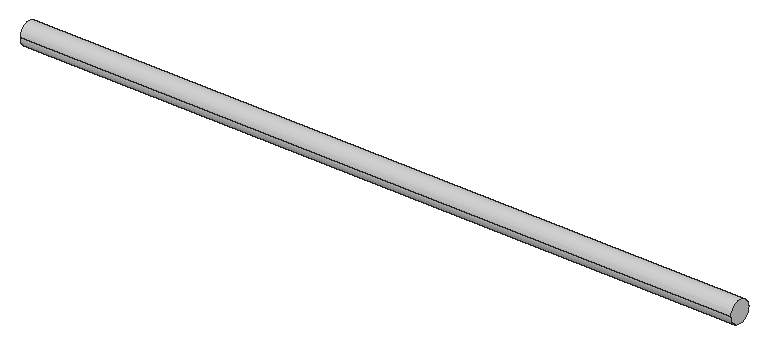
Revit family "TUBE 48-1,6_2125290", category Generic Models, Revit 2018
Family settings
  Can host rebar = No
  Round Connector Dimension = Use Diameter
  Part Type = Normal
  OmniClass Number = 35.51.17.00
  OmniClass Title = SCAFFOLDING SHORING AND FENCING
  Work Plane-Based = Yes
  Always vertical = No
  Cut with Voids When Loaded = No
  Shared = Yes
  Room Calculation Point = No
Parameters
  VERSION = "20190101"  # constant formula
  URL = "www.ulmaconstruction.com/en"
  UNICLASS = ""
  Model = ""
  ITEM_CODE = "2125290"
  Manufacturer = "ULMA CONSTRUCTION"  # constant formula
  FILTER [instance] = ""
  Default Elevation = 0 mm
  CLASSIFICATION_TITLE = ""
  CLASSIFICATION_NUMBER = ""
Reference planes
  plane 1 "Centro (Frontal/Posterior)": y = 0
  plane 2: z = 0
  plane 3 "Centro (Izquierda/Derecha)": x = 0
  plane 4 "ITEM_LENGTH": x = 1600
Forms (mm)
  Extrusion 1, solid, material "ULMA ZINC", detail levels fine
    sketch origin (0, 0, 0) x (0, 1, 0) y (0, 0, 1)
      loop
        circle (0, 0) r 24.15
    from 0 to 1600
Lines and regions (mm)
  model lines, style "ULMA FIXING ITEMS", detail levels fine
    curve 1: circle (0, 0, 0) r 21 normal (1, 0, 0)
    curve 3: circle (1600, 0, 0) r 21 normal (1, 0, 0)
  model lines, style "ULMA FIXING ITEMS", detail levels coarse+medium
    curve 2: line (0, 0, 0) -> (1600, 0, 0)
Dimensions and locks
  locked: plane 3 "Centro (Izquierda/Derecha)" to plane 4 "ITEM_LENGTH" at 1600
  aligned and locked: level to plane 2
  aligned and locked: Extrusion 1 to plane 3 "Centro (Izquierda/Derecha)"
  aligned and locked: plane 4 "ITEM_LENGTH" to Extrusion 1
  aligned and locked: plane 4 "ITEM_LENGTH" to curve 2
